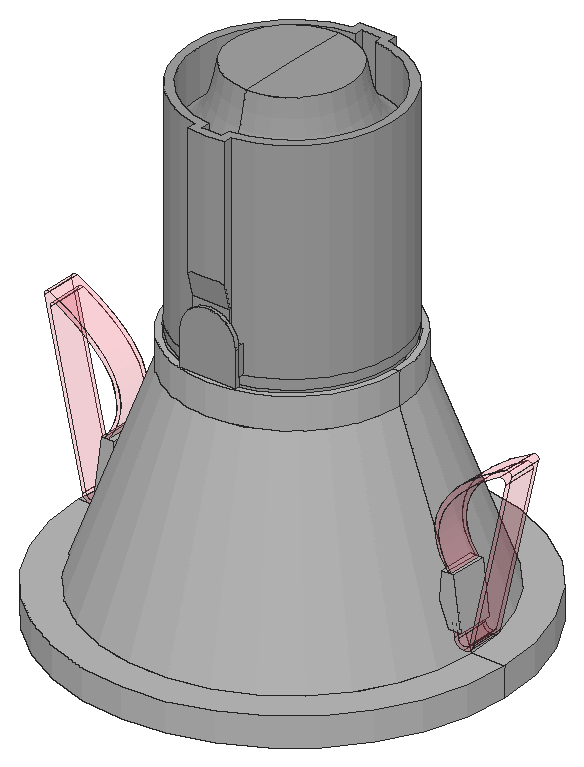
Revit family "LAMP_MOODY G2 800 + ROUND FIXED IP55 REFLECTOR", category Luminarias, Revit 2015
Parameters (values of type "2700K FLOOD")
  Ángulo de inclinación = 90.00°
  White reflector model = White reflector code  # "MORFRD100FX55W"
  White reflector finish = "Matt white"
  White reflector description = "MOODY REF RD FX Ø99 WH."
  White reflector datasheet = "http://www.lamp.es/product-files/TECH/MORFRD100FX55W-EN.pdf"
  White reflector [instance] = no
  Wattage = 6.1 W
  UGR = "21"
  Type = "COB PHILIPS"
  White reflector code = "MORFRD100FX55W"
  Total weight = 0.25 kg
  Total height = 115 mm
  Reflector diameter = 100 mm
  Reflector [instance] = and(not(White reflector), not(Black reflector))  # no
  Recessed diameter = 95 mm
  built-in parameter 1150110 = 1 (stored number, unit not read)
  Protection rating = "IP20"
  Product URL = "https://www.lamp.es/en/family/moody_33323"
  Power Supply = "220-240V 50/60Hz"
  Power = 5 W
  Plum = 6.1 W
  Model explanation = "Availability of switching reflector colour when placed in a project."
  Material cristal = Cristal
  Material Reflector Plata = LAMP_PC Reflector Moody GR
  Material Reflector Negro = LAMP_PC Reflector Moody NG
  Material Reflector Cobre = LAMP_PC Reflector Moody CO
  Material Muelle Emp. = LAMP_Acero genérico
  Material Reflector Blanco = LAMP_PC Reflector Moody BL
  Manufacturer name = "LAMP"
  Manufacturer country = "Spain"
  Manufacturer URL = "http://www.lamp.es/en"
  MacAdam = "3"
  Lámpara = "COB LED"
  Luminaire type = "Indoor - Recessed Downlight"
  Last update = "28/08/2019"
  LED Lifetime = "50.000 L90 B10"
  Insulation class = "II"
  Installation instructions = "https://www.lamp.es/product-files/INS/1004620-A-INSTR.%20MOODY%20G2.pdf"
  IEE = "A++"
  Gear = "Electronic"
  built-in parameter 1114217 = 1 (stored number, unit not read)
  built-in parameter 1150109 = 1 (stored number, unit not read)
  Fabricante = Manufacturer name  # "LAMP"
  Efficacy = 71.3 lm/W
  Descripción = "MOODY G2 800 VWW FL TRIAC BK."
  Core product code = "MO208FL927TB"
  Core diameter = 50 mm
  Core datasheet = "http://www.lamp.es/product-files/TECH/MO208FL927TB-EN.pdf"
  Core model = Core product code  # "MO208FL927TB"
  Comentarios de tipo = Model explanation  # "Availability of switching reflector colour when placed in a project."
  built-in parameter 1150134 = (empty or 0)
  built-in parameter 1150113 = 1 (stored number, unit not read)
  Lumens = 434.93 lm
  built-in parameter 1150115 = 1 (stored number, unit not read)
  built-in parameter 1150105 = 34.611 (stored number, unit not read)
  built-in parameter 1150137 = (empty or 0)
  built-in parameter 1150139 = (empty or 0)
  built-in parameter 1150112 = 1 (stored number, unit not read)
  built-in parameter 1150114 = 1 (stored number, unit not read)
  built-in parameter 1150132 = 2
  built-in parameter 1150102 = (empty or 0)
  built-in parameter 1150138 = (empty or 0)
  built-in parameter 1150107 = 2700 (stored number, unit not read)
  built-in parameter 1150106 = 0.34611 (stored number, unit not read)
  built-in parameter 1150104 = 6.624 (stored number, unit not read)
  Dimming Lamp Color Temperature Shift = (empty or 0)
  Color Filter = 16777215
  built-in parameter 1114218 = 1 (stored number, unit not read)
  CRI = "90"
  Core description = "MOODY CORE 500 VWW MFL"
  Black reflector model = Black reflector code  # "MORFRD100FX55B"
  Black reflector finish = "Matt black"
  Black reflector description = "MOODY REF RD FX Ø99 BK."
  Black reflector datasheet = "http://www.lamp.es/product-files/TECH/MORFRD100FX55B-EN.pdf"
  Black reflector code = "MORFRD100FX55B"
  Black reflector [instance] = yes
  Archivo de red fotométrica = "MO208FL927TB.IES"
  Altura reflector = 56.5 mm
  built-in parameter 1150133 = 10 (stored number, unit not read)
Types (9, lengths in mm): name | Efficacy | Descripción | Core product code | Core datasheet | Core model | built-in parameter 1150105 | built-in parameter 1150107 | built-in parameter 1150106 | CRI | Archivo de red fotométrica
  2700K FLOOD | 71.3 lm/W | "MOODY G2 800 VWW FL TRIAC BK." | "MO208FL927TB" | "http://www.lamp.es/product-files/TECH/MO208FL927TB-EN.pdf" | "MO208FL927TB" | 34.611 (stored number, unit not read) | 2700 (stored number, unit not read) | 0.34611 (stored number, unit not read) | "90" | "MO208FL927TB.IES"
  2700K SPOT | 71.3 lm/W | "MOODY G2 800 VWW SP TRIAC BK." | "MO208SP927TB" | "http://www.lamp.es/product-files/TECH/MO208SP927TB-EN.pdf" | "MO208SP927TB" | 984.65 (stored number, unit not read) | 2700 (stored number, unit not read) | 9.8465 (stored number, unit not read) | "90" | "MO208SP927TB.IES"
  2700K WIDE FLOOD | 71.3 lm/W | "MOODY G2 800 VWW WFL TRIAC BK." | "MO208WF927TB" | "http://www.lamp.es/product-files/TECH/MO208WF927TB-EN.pdf" | "MO208WF927TB" | 34.611 (stored number, unit not read) | 2700 (stored number, unit not read) | 0.34611 (stored number, unit not read) | "90" | "MO208WF927TB.IES"
  3000K FLOOD | 87.4 lm/W | "MOODY G2 800 WW FL TRIAC BK." | "MO208FL830TB" | "http://www.lamp.es/product-files/TECH/MO208FL830TB-EN.pdf" | "MO208FL830TB" | 34.611 (stored number, unit not read) | 3000 (stored number, unit not read) | 0.34611 (stored number, unit not read) | "80" | "MO208FL830TB.IES"
  3000K SPOT | 87.4 lm/W | "MOODY G2 800 WW SP TRIAC BK." | "MO208SP830TB" | "http://www.lamp.es/product-files/TECH/MO208SP830TB-EN.pdf" | "MO208SP830TB" | 34.611 (stored number, unit not read) | 3000 (stored number, unit not read) | 0.34611 (stored number, unit not read) | "80" | "MO208SP830TB.IES"
  3000K WIDE FLOOD | 87.4 lm/W | "MOODY G2 800 WW WFL TRIAC BK." | "MO208WF830TB" | "http://www.lamp.es/product-files/TECH/MO208WF830TB-EN.pdf" | "MO208WF830TB" | 34.611 (stored number, unit not read) | 3000 (stored number, unit not read) | 0.34611 (stored number, unit not read) | "80" | "MO208WF830TB.IES"
  4000K FLOOD | 92.6 lm/W | "MOODY G2 800 NW FL TRIAC BK." | "MO208FL840TB" | "http://www.lamp.es/product-files/TECH/MO208FL840TB-EN.pdf" | "MO208FL840TB" | 34.611 (stored number, unit not read) | 4000 (stored number, unit not read) | 0.34611 (stored number, unit not read) | "80" | "MO208FL840TB.IES"
  4000K SPOT | 92.6 lm/W | "MOODY G2 800 NW SP TRIAC BK." | "MO208SP840TB" | "http://www.lamp.es/product-files/TECH/MO208SP840TB-EN.pdf" | "MO208SP840TB" | 34.611 (stored number, unit not read) | 4000 (stored number, unit not read) | 0.34611 (stored number, unit not read) | "80" | "MO208SP840TB.IES"
  4000K WIDE FLOOD | 92.6 lm/W | "MOODY G2 800 NW WFL TRIAC BK." | "MO208WF840TB" | "http://www.lamp.es/product-files/TECH/MO208WF840TB-EN.pdf" | "MO208WF840TB" | 34.611 (stored number, unit not read) | 4000 (stored number, unit not read) | 0.34611 (stored number, unit not read) | "80" | "MO208WF840TB.IES"
Reference planes
  plane 1 "Eje de origen de luz (F/P)": y = 0
  plane 2: z = 0
  plane 3 "Eje de origen de luz (I/D)": x = 0
  plane 4 "Techo": z = 3738.5
  plane 5 "Elevación de origen de luz": z = 3738.5
Forms (mm)
  Revolve 1, solid, material "LAMP_PC Reflector Moody NG" <- "Material Reflector Negro", visible <- "Reflector"
    sketch origin (0, 0, 0) x (1, 0, 0) y (0, 0, 1)
      loop
        line (-26.8, 3795) -> (-26.8, 3787.4) -> (-44.8, 3738.5) -> (-53, 3738.5) -> (-53, 3731.4) -> (-43.4, 3731.4) -> (-43.4, 3737.815) -> (-25.4, 3786.715) -> (-20.4, 3786.715) -> (-20.4, 3789.672) -> (-25.4, 3789.672) -> (-25.4, 3795) -> (-26.8, 3795)
      axis (0, 3731.4) -> (0, 3795)
    angle from 0 to 360
  Extrusion 2, solid, material "LAMP_PC Reflector Moody CO" <- "Material Reflector Cobre", not visible
    sketch origin (0, 0, 0) x (1, 0, 0) y (0, 0, 1)
      loop
        line (-42.407, 3745) -> (-40.284, 3750.769) -> (-40.873, 3757.5) -> (-43.873, 3757.5) -> (-45.407, 3745) -> (-42.407, 3745)
    from 4.4 to -4.4
  Extrusion 3, solid, material "LAMP_PC Reflector Moody CO" <- "Material Reflector Cobre", not visible
    sketch origin (0, 0, 0) x (-1, 0, 0) y (0, 0, -1)
      loop
        line (-42.407, -3745) -> (-45.407, -3745) -> (-43.873, -3757.5) -> (-40.873, -3757.5) -> (-40.284, -3750.769) -> (-42.407, -3745)
    from 4.4 to -4.4
  Extrusion 4, solid, material "LAMP_Acero genérico" <- "Material Muelle Emp."
    sketch origin (0, 0, 0) x (1, 0, 0) y (0, 0, 1)
      loop
        line (-43.449, 3746.955) -> (-44.442, 3747.077) -> (-44.86, 3743.673)
        arc (-44.86, 3743.673) -> (-46.011, 3742.395) -> (-47.607, 3743.039) r 1.5
        line (-47.607, 3743.039) -> (-56.587, 3781.935)
        arc (-56.587, 3781.935) -> (-56.25, 3782.912) -> (-55.225, 3783.038) r 0.975
        spline (-55.225, 3783.038) -> (-51.331, 3780.738) -> (-48.069, 3778.431) -> (-45.409, 3776.129) -> (-43.316, 3773.842) -> (-41.759, 3771.583) -> (-40.706, 3769.362) -> (-40.125, 3767.192) -> (-39.983, 3765.084) -> (-40.248, 3763.049) -> (-40.888, 3761.099) -> (-41.87, 3759.246) -> (-43.162, 3757.5)
        line (-43.162, 3757.5) -> (-42.155, 3757.5)
        spline (-42.155, 3757.5) -> (-40.805, 3759.492) -> (-39.803, 3761.59) -> (-39.185, 3763.778) -> (-38.986, 3766.043) -> (-39.241, 3768.371) -> (-39.985, 3770.746) -> (-41.254, 3773.156) -> (-43.082, 3775.585) -> (-45.504, 3778.019) -> (-48.557, 3780.445) -> (-52.274, 3782.848) -> (-56.692, 3785.214)
        arc (-56.692, 3785.214) -> (-57.717, 3785.088) -> (-58.053, 3784.112) r 0.975
        line (-58.053, 3784.112) -> (-48.597, 3743.153)
        arc (-48.597, 3743.153) -> (-47.735, 3741.824) -> (-46.22, 3741.36) r 2.317
        arc (-46.22, 3741.36) -> (-44.644, 3742.027) -> (-43.867, 3743.552) r 2.5
        line (-43.867, 3743.552) -> (-43.449, 3746.955)
    from 4.3 to -4.3
  Extrusion 5, solid, material "LAMP_Acero genérico" <- "Material Muelle Emp."
    sketch origin (0, 0, 0) x (-1, 0, 0) y (0, 0, -1)
      loop
        line (-43.449, -3746.955) -> (-43.867, -3743.552)
        arc (-43.867, -3743.552) -> (-44.644, -3742.027) -> (-46.22, -3741.36) r 2.5
        arc (-46.22, -3741.36) -> (-47.735, -3741.824) -> (-48.597, -3743.153) r 2.317
        line (-48.597, -3743.153) -> (-58.053, -3784.112)
        arc (-58.053, -3784.112) -> (-57.717, -3785.088) -> (-56.692, -3785.214) r 0.975
        spline (-56.692, -3785.214) -> (-52.274, -3782.848) -> (-48.557, -3780.445) -> (-45.504, -3778.019) -> (-43.082, -3775.585) -> (-41.254, -3773.156) -> (-39.985, -3770.746) -> (-39.241, -3768.371) -> (-38.986, -3766.043) -> (-39.185, -3763.778) -> (-39.803, -3761.59) -> (-40.805, -3759.492) -> (-42.155, -3757.5)
        line (-42.155, -3757.5) -> (-43.162, -3757.5)
        spline (-43.162, -3757.5) -> (-41.87, -3759.246) -> (-40.888, -3761.099) -> (-40.248, -3763.049) -> (-39.983, -3765.084) -> (-40.125, -3767.192) -> (-40.706, -3769.362) -> (-41.759, -3771.583) -> (-43.316, -3773.842) -> (-45.409, -3776.129) -> (-48.069, -3778.431) -> (-51.331, -3780.738) -> (-55.225, -3783.038)
        arc (-55.225, -3783.038) -> (-56.25, -3782.912) -> (-56.587, -3781.935) r 0.975
        line (-56.587, -3781.935) -> (-47.607, -3743.039)
        arc (-47.607, -3743.039) -> (-46.011, -3742.395) -> (-44.86, -3743.673) r 1.5
        line (-44.86, -3743.673) -> (-44.442, -3747.077) -> (-43.449, -3746.955)
    from 4.3 to -4.3
  Revolve 6, solid, material "LAMP_PC Reflector Moody BL" <- "Material Reflector Blanco", visible <- "White reflector"
    sketch origin (0, 0, 0) x (1, 0, 0) y (0, 0, 1)
      loop
        line (-26.8, 3795) -> (-26.8, 3787.4) -> (-44.8, 3738.5) -> (-53, 3738.5) -> (-53, 3731.4) -> (-43.4, 3731.4) -> (-43.4, 3737.815) -> (-25.4, 3786.715) -> (-20.4, 3786.715) -> (-20.4, 3789.672) -> (-25.4, 3789.672) -> (-25.4, 3795) -> (-26.8, 3795)
      axis (0, 3731.4) -> (0, 3795)
    angle from 0 to 360
  Extrusion 7, solid, material "LAMP_PC Reflector Moody BL" <- "Material Reflector Blanco", visible <- "White reflector"
    sketch origin (0, 0, 0) x (1, 0, 0) y (0, 0, 1)
      loop
        line (-42.407, 3745) -> (-40.284, 3750.769) -> (-40.873, 3757.5) -> (-43.873, 3757.5) -> (-45.407, 3745) -> (-42.407, 3745)
    from 4.4 to -4.4
  Extrusion 8, solid, material "LAMP_PC Reflector Moody BL" <- "Material Reflector Blanco", visible <- "White reflector"
    sketch origin (0, 0, 0) x (-1, 0, 0) y (0, 0, -1)
      loop
        line (-42.407, -3745) -> (-45.407, -3745) -> (-43.873, -3757.5) -> (-40.873, -3757.5) -> (-40.284, -3750.769) -> (-42.407, -3745)
    from 4.4 to -4.4
  Revolve 9, solid, material "LAMP_PC Reflector Moody NG" <- "Material Reflector Negro", visible <- "Black reflector"
    sketch origin (0, 0, 0) x (1, 0, 0) y (0, 0, 1)
      loop
        line (-26.8, 3795) -> (-26.8, 3787.4) -> (-44.8, 3738.5) -> (-53, 3738.5) -> (-53, 3731.4) -> (-43.4, 3731.4) -> (-43.4, 3737.815) -> (-25.4, 3786.715) -> (-20.4, 3786.715) -> (-20.4, 3789.672) -> (-25.4, 3789.672) -> (-25.4, 3795) -> (-26.8, 3795)
      axis (0, 3731.4) -> (0, 3795)
    angle from 0 to 360
  Extrusion 10, solid, material "LAMP_PC Reflector Moody NG" <- "Material Reflector Negro", visible <- "Black reflector"
    sketch origin (0, 0, 0) x (1, 0, 0) y (0, 0, 1)
      loop
        line (-42.407, 3745) -> (-40.284, 3750.769) -> (-40.873, 3757.5) -> (-43.873, 3757.5) -> (-45.407, 3745) -> (-42.407, 3745)
    from 4.4 to -4.4
  Extrusion 11, solid, material "LAMP_PC Reflector Moody NG" <- "Material Reflector Negro", visible <- "Black reflector"
    sketch origin (0, 0, 0) x (-1, 0, 0) y (0, 0, -1)
      loop
        line (-42.407, -3745) -> (-45.407, -3745) -> (-43.873, -3757.5) -> (-40.873, -3757.5) -> (-40.284, -3750.769) -> (-42.407, -3745)
    from 4.4 to -4.4
  Extrusion 12, solid, material "LAMP_PC Reflector Moody GR" <- "Material Reflector Plata", not visible
    sketch origin (0, 0, 0) x (1, 0, 0) y (0, 0, 1)
      loop
        line (-42.407, 3745) -> (-40.284, 3750.769) -> (-40.873, 3757.5) -> (-43.873, 3757.5) -> (-45.407, 3745) -> (-42.407, 3745)
    from 4.4 to -4.4
  Extrusion 13, solid, material "LAMP_PC Reflector Moody GR" <- "Material Reflector Plata", not visible
    sketch origin (0, 0, 0) x (-1, 0, 0) y (0, 0, -1)
      loop
        line (-42.407, -3745) -> (-45.407, -3745) -> (-43.873, -3757.5) -> (-40.873, -3757.5) -> (-40.284, -3750.769) -> (-42.407, -3745)
    from 4.4 to -4.4
  Extrusion 14, solid, material "LAMP_PC Reflector Moody NG" <- "Material Reflector Negro", visible <- "Reflector"
    sketch origin (0, 0, 0) x (1, 0, 0) y (0, 0, 1)
      loop
        line (-42.407, 3745) -> (-40.284, 3750.769) -> (-40.873, 3757.5) -> (-43.873, 3757.5) -> (-45.407, 3745) -> (-42.407, 3745)
    from 4.4 to -4.4
  Extrusion 15, solid, material "LAMP_PC Reflector Moody NG" <- "Material Reflector Negro", visible <- "Reflector"
    sketch origin (0, 0, 0) x (-1, 0, 0) y (0, 0, -1)
      loop
        line (-42.407, -3745) -> (-45.407, -3745) -> (-43.873, -3757.5) -> (-40.873, -3757.5) -> (-40.284, -3750.769) -> (-42.407, -3745)
    from 4.4 to -4.4
  Revolve 16, solid, material "Cristal" <- "Material cristal"
    sketch origin (0, 0, 0) x (1, 0, 0) y (0, 0, 1)
      loop
        line (-43.4, 3738.5) -> (-43.4, 3731.4) -> (0, 3731.4) -> (0, 3738.5) -> (-43.4, 3738.5)
      axis (0, 3731.4) -> (0, 3738.5)
    angle from 0 to 360
Text (mm)
  text "Any modification of the parameters and properties of the LAMP BIM models must be executed and validated by the LAMP technical department.\n\nPhone: +34 93 736 68 00\n\nE-mail: lamp@lamp.es\n\n\n\nLAMP reserves the right to modify the technical specifications of its products." at (-1237.633, 1699.993, 3254.939), in view "Preview"
Dimensions and locks
  equal spacing: host sketch curve, plane 3 "Eje de origen de luz (I/D)", host sketch curve
  equal spacing: host sketch curve, plane 1 "Eje de origen de luz (F/P)", host sketch curve
  host sketch curve to host sketch curve = 4000 mm  (x2)
  locked: plane 4 "Techo" to host ceiling at 0
  "Altura reflector": plane 4 "Techo" to Revolve 1
  aligned and locked: plane 3 "Eje de origen de luz (I/D)" to imposter light
  aligned and locked: plane 1 "Eje de origen de luz (F/P)" to imposter light
  aligned and locked: plane 5 "Elevación de origen de luz" to imposter light
  aligned and locked: plane 4 "Techo" to plane 5 "Elevación de origen de luz"
Automatic sketch dimensions
  Extrusion 2 sketch curve to plane 4 "Techo" = 6.5 mm
  Extrusion 2 sketch curve to plane 3 "Eje de origen de luz (I/D)" = 45.407 mm
  Extrusion 2 sketch curve to Extrusion 2 sketch curve = 1.535 mm
  Extrusion 2 sketch curve to Extrusion 2 sketch curve = 3 mm  (x2)
  Extrusion 2 sketch curve to plane 4 "Techo" = 19 mm
  Extrusion 2 sketch curve to plane 4 "Techo" = 12.269 mm
  Extrusion 2 sketch curve to Extrusion 2 sketch curve = 2.124 mm
  plane 4 "Techo" to Extrusion 3 sketch curve = 6.5 mm
  Extrusion 3 sketch curve to plane 3 "Eje de origen de luz (I/D)" = 45.407 mm
  Extrusion 3 sketch curve to Extrusion 3 sketch curve = 1.535 mm
  Extrusion 3 sketch curve to Extrusion 3 sketch curve = 3 mm  (x2)
  plane 4 "Techo" to Extrusion 3 sketch curve = 19 mm
  plane 4 "Techo" to Extrusion 3 sketch curve = 12.269 mm
  Extrusion 3 sketch curve to Extrusion 3 sketch curve = 2.124 mm
  Extrusion 4 sketch curve to Extrusion 4 sketch curve = 0 mm  (x2)
  Extrusion 4 sketch curve to plane 3 "Eje de origen de luz (I/D)" = 58.053 mm
  Extrusion 4 sketch curve to Extrusion 4 sketch curve = 0.95 mm  (x2)
  Extrusion 4 sketch curve to Extrusion 4 sketch curve = 0.412 mm  (x2)
  Extrusion 4 sketch curve to Extrusion 4 sketch curve = 0.517 mm
  Extrusion 4 sketch curve to plane 4 "Techo" = 4.653 mm
  Extrusion 4 sketch curve to Extrusion 4 sketch curve = 7.989 mm
  Extrusion 4 sketch curve to plane 4 "Techo" = 4.539 mm
  Extrusion 4 sketch curve to Extrusion 4 sketch curve = 0.991 mm
  Extrusion 4 sketch curve to Extrusion 4 sketch curve = 1.258 mm
  Extrusion 4 sketch curve to Extrusion 4 sketch curve = 0.009 mm
  Extrusion 4 sketch curve to plane 4 "Techo" = 5.173 mm
  Extrusion 4 sketch curve to Extrusion 4 sketch curve = 1.479 mm
  Extrusion 4 sketch curve to plane 4 "Techo" = 8.577 mm
  Extrusion 4 sketch curve to Extrusion 4 sketch curve = 0.418 mm
  Extrusion 4 sketch curve to plane 4 "Techo" = 5.052 mm
  Extrusion 4 sketch curve to Extrusion 4 sketch curve = 0.993 mm
  Extrusion 4 sketch curve to Extrusion 4 sketch curve = 1.28 mm
  Extrusion 4 sketch curve to Extrusion 4 sketch curve = 1.008 mm
  Extrusion 4 sketch curve to Extrusion 4 sketch curve = 0.182 mm
  Extrusion 4 sketch curve to Extrusion 4 sketch curve = 10.423 mm
  Extrusion 4 sketch curve to Extrusion 4 sketch curve = 24.435 mm
  Extrusion 4 sketch curve to Extrusion 4 sketch curve = 0.219 mm  (x2)
  Extrusion 4 sketch curve to Extrusion 4 sketch curve = 2.176 mm
  Extrusion 5 sketch curve to Extrusion 5 sketch curve = 0 mm  (x2)
  Extrusion 5 sketch curve to plane 3 "Eje de origen de luz (I/D)" = 58.053 mm
  Extrusion 5 sketch curve to Extrusion 5 sketch curve = 0.95 mm  (x2)
  Extrusion 5 sketch curve to Extrusion 5 sketch curve = 0.412 mm  (x2)
  Extrusion 5 sketch curve to Extrusion 5 sketch curve = 0.517 mm
  plane 4 "Techo" to Extrusion 5 sketch curve = 4.653 mm
  Extrusion 5 sketch curve to Extrusion 5 sketch curve = 7.989 mm
  plane 4 "Techo" to Extrusion 5 sketch curve = 4.539 mm
  Extrusion 5 sketch curve to Extrusion 5 sketch curve = 0.991 mm
  Extrusion 5 sketch curve to Extrusion 5 sketch curve = 1.258 mm
  Extrusion 5 sketch curve to Extrusion 5 sketch curve = 0.009 mm
  plane 4 "Techo" to Extrusion 5 sketch curve = 5.173 mm
  Extrusion 5 sketch curve to Extrusion 5 sketch curve = 1.479 mm
  plane 4 "Techo" to Extrusion 5 sketch curve = 8.577 mm
  Extrusion 5 sketch curve to Extrusion 5 sketch curve = 0.418 mm
  plane 4 "Techo" to Extrusion 5 sketch curve = 5.052 mm
  Extrusion 5 sketch curve to Extrusion 5 sketch curve = 0.993 mm
  Extrusion 5 sketch curve to Extrusion 5 sketch curve = 1.28 mm
  Extrusion 5 sketch curve to Extrusion 5 sketch curve = 1.008 mm
  Extrusion 5 sketch curve to Extrusion 5 sketch curve = 0.182 mm
  Extrusion 5 sketch curve to Extrusion 5 sketch curve = 10.423 mm
  Extrusion 5 sketch curve to Extrusion 5 sketch curve = 24.435 mm
  Extrusion 5 sketch curve to Extrusion 5 sketch curve = 0.219 mm  (x2)
  Extrusion 5 sketch curve to Extrusion 5 sketch curve = 2.176 mm
  Extrusion 7 sketch curve to plane 4 "Techo" = 6.5 mm
  Extrusion 7 sketch curve to plane 3 "Eje de origen de luz (I/D)" = 45.407 mm
  Extrusion 7 sketch curve to Extrusion 7 sketch curve = 1.535 mm
  Extrusion 7 sketch curve to Extrusion 7 sketch curve = 3 mm  (x2)
  Extrusion 7 sketch curve to plane 4 "Techo" = 19 mm
  Extrusion 7 sketch curve to plane 4 "Techo" = 12.269 mm
  Extrusion 7 sketch curve to Extrusion 7 sketch curve = 2.124 mm
  plane 4 "Techo" to Extrusion 8 sketch curve = 6.5 mm
  Extrusion 8 sketch curve to plane 3 "Eje de origen de luz (I/D)" = 45.407 mm
  Extrusion 8 sketch curve to Extrusion 8 sketch curve = 1.535 mm
  Extrusion 8 sketch curve to Extrusion 8 sketch curve = 3 mm  (x2)
  plane 4 "Techo" to Extrusion 8 sketch curve = 19 mm
  plane 4 "Techo" to Extrusion 8 sketch curve = 12.269 mm
  Extrusion 8 sketch curve to Extrusion 8 sketch curve = 2.124 mm
  Extrusion 10 sketch curve to plane 4 "Techo" = 6.5 mm
  Extrusion 10 sketch curve to plane 3 "Eje de origen de luz (I/D)" = 45.407 mm
  Extrusion 10 sketch curve to Extrusion 10 sketch curve = 1.535 mm
  Extrusion 10 sketch curve to Extrusion 10 sketch curve = 3 mm  (x2)
  Extrusion 10 sketch curve to plane 4 "Techo" = 19 mm
  Extrusion 10 sketch curve to plane 4 "Techo" = 12.269 mm
  Extrusion 10 sketch curve to Extrusion 10 sketch curve = 2.124 mm
  plane 4 "Techo" to Extrusion 11 sketch curve = 6.5 mm
  Extrusion 11 sketch curve to plane 3 "Eje de origen de luz (I/D)" = 45.407 mm
  Extrusion 11 sketch curve to Extrusion 11 sketch curve = 1.535 mm
  Extrusion 11 sketch curve to Extrusion 11 sketch curve = 3 mm  (x2)
  plane 4 "Techo" to Extrusion 11 sketch curve = 19 mm
  plane 4 "Techo" to Extrusion 11 sketch curve = 12.269 mm
  Extrusion 11 sketch curve to Extrusion 11 sketch curve = 2.124 mm
  Extrusion 12 sketch curve to plane 4 "Techo" = 6.5 mm
  Extrusion 12 sketch curve to plane 3 "Eje de origen de luz (I/D)" = 45.407 mm
  Extrusion 12 sketch curve to Extrusion 12 sketch curve = 1.535 mm
  Extrusion 12 sketch curve to Extrusion 12 sketch curve = 3 mm  (x2)
  Extrusion 12 sketch curve to plane 4 "Techo" = 19 mm
  Extrusion 12 sketch curve to plane 4 "Techo" = 12.269 mm
  Extrusion 12 sketch curve to Extrusion 12 sketch curve = 2.124 mm
  plane 4 "Techo" to Extrusion 13 sketch curve = 6.5 mm
  Extrusion 13 sketch curve to plane 3 "Eje de origen de luz (I/D)" = 45.407 mm
  Extrusion 13 sketch curve to Extrusion 13 sketch curve = 1.535 mm
  Extrusion 13 sketch curve to Extrusion 13 sketch curve = 3 mm  (x2)
  plane 4 "Techo" to Extrusion 13 sketch curve = 19 mm
  plane 4 "Techo" to Extrusion 13 sketch curve = 12.269 mm
  Extrusion 13 sketch curve to Extrusion 13 sketch curve = 2.124 mm
  Extrusion 14 sketch curve to plane 4 "Techo" = 6.5 mm
  Extrusion 14 sketch curve to plane 3 "Eje de origen de luz (I/D)" = 45.407 mm
  Extrusion 14 sketch curve to Extrusion 14 sketch curve = 1.535 mm
  Extrusion 14 sketch curve to Extrusion 14 sketch curve = 3 mm  (x2)
  Extrusion 14 sketch curve to plane 4 "Techo" = 19 mm
  Extrusion 14 sketch curve to plane 4 "Techo" = 12.269 mm
  Extrusion 14 sketch curve to Extrusion 14 sketch curve = 2.124 mm
  plane 4 "Techo" to Extrusion 15 sketch curve = 6.5 mm
  Extrusion 15 sketch curve to plane 3 "Eje de origen de luz (I/D)" = 45.407 mm
  Extrusion 15 sketch curve to Extrusion 15 sketch curve = 1.535 mm
  Extrusion 15 sketch curve to Extrusion 15 sketch curve = 3 mm  (x2)
  plane 4 "Techo" to Extrusion 15 sketch curve = 19 mm
  plane 4 "Techo" to Extrusion 15 sketch curve = 12.269 mm
  Extrusion 15 sketch curve to Extrusion 15 sketch curve = 2.124 mm
  Revolve 16 sketch curve to plane 4 "Techo" = 0 mm
  Revolve 16 sketch curve to plane 3 "Eje de origen de luz (I/D)" = 0 mm  (x2)
  plane 4 "Techo" to Revolve 16 sketch curve = 7.1 mm
  Revolve 16 sketch curve to plane 3 "Eje de origen de luz (I/D)" = 43.4 mm
  Revolve 16 sketch curve to level = 358.228 mm
  Revolve 16 sketch curve to plane 4 "Techo" = 623.685 mm
  Revolve 9 sketch curve to plane 4 "Techo" = 0 mm
  Revolve 9 sketch curve to plane 3 "Eje de origen de luz (I/D)" = 0 mm
  Revolve 9 sketch curve to plane 3 "Eje de origen de luz (I/D)" = 20.4 mm
  Revolve 9 sketch curve to Revolve 9 sketch curve = 5 mm
  Revolve 9 sketch curve to Revolve 9 sketch curve = 0 mm
  Revolve 9 sketch curve to Revolve 9 sketch curve = 1.4 mm  (x2)
  plane 4 "Techo" to Revolve 9 sketch curve = 7.1 mm
  Revolve 9 sketch curve to plane 3 "Eje de origen de luz (I/D)" = 43.4 mm
  Revolve 9 sketch curve to Revolve 9 sketch curve = 9.6 mm
  Revolve 9 sketch curve to plane 4 "Techo" = 48.215 mm
  Revolve 9 sketch curve to Revolve 9 sketch curve = 0.685 mm
  Revolve 9 sketch curve to Revolve 9 sketch curve = 2.272 mm
  Revolve 9 sketch curve to Revolve 9 sketch curve = 5.328 mm
  plane 4 "Techo" to Revolve 9 sketch curve = 0.685 mm
  Revolve 9 sketch curve to level = 358.228 mm
  Revolve 9 sketch curve to Revolve 9 sketch curve = 305.685 mm
  Revolve 6 sketch curve to plane 4 "Techo" = 0 mm
  Revolve 6 sketch curve to plane 3 "Eje de origen de luz (I/D)" = 0 mm
  Revolve 6 sketch curve to plane 3 "Eje de origen de luz (I/D)" = 20.4 mm
  Revolve 6 sketch curve to Revolve 6 sketch curve = 5 mm
  Revolve 6 sketch curve to Revolve 6 sketch curve = 0 mm
  Revolve 6 sketch curve to Revolve 6 sketch curve = 1.4 mm  (x2)
  plane 4 "Techo" to Revolve 6 sketch curve = 7.1 mm
  Revolve 6 sketch curve to plane 3 "Eje de origen de luz (I/D)" = 43.4 mm
  Revolve 6 sketch curve to Revolve 6 sketch curve = 9.6 mm
  Revolve 6 sketch curve to plane 4 "Techo" = 48.215 mm
  Revolve 6 sketch curve to Revolve 6 sketch curve = 0.685 mm
  Revolve 6 sketch curve to Revolve 6 sketch curve = 2.272 mm
  Revolve 6 sketch curve to Revolve 6 sketch curve = 5.328 mm
  plane 4 "Techo" to Revolve 6 sketch curve = 0.685 mm
  Revolve 6 sketch curve to level = 358.228 mm
  Revolve 6 sketch curve to Revolve 6 sketch curve = 305.685 mm
  Revolve 1 sketch curve to plane 4 "Techo" = 0 mm
  Revolve 1 sketch curve to plane 3 "Eje de origen de luz (I/D)" = 0 mm
  Revolve 1 sketch curve to plane 3 "Eje de origen de luz (I/D)" = 20.4 mm
  Revolve 1 sketch curve to Revolve 1 sketch curve = 5 mm
  Revolve 1 sketch curve to Revolve 1 sketch curve = 0 mm
  Revolve 1 sketch curve to Revolve 1 sketch curve = 1.4 mm  (x2)
  plane 4 "Techo" to Revolve 1 sketch curve = 7.1 mm
  Revolve 1 sketch curve to plane 3 "Eje de origen de luz (I/D)" = 43.4 mm
  Revolve 1 sketch curve to Revolve 1 sketch curve = 9.6 mm
  Revolve 1 sketch curve to plane 4 "Techo" = 48.215 mm
  Revolve 1 sketch curve to Revolve 1 sketch curve = 0.685 mm
  Revolve 1 sketch curve to Revolve 1 sketch curve = 2.272 mm
  Revolve 1 sketch curve to Revolve 1 sketch curve = 5.328 mm
  plane 4 "Techo" to Revolve 1 sketch curve = 0.685 mm
  Revolve 1 sketch curve to level = 358.228 mm
  Revolve 1 sketch curve to Revolve 1 sketch curve = 305.685 mm
Nested families
  nested 1: "LAMP_MOODY CORE 500" at (0, 0, 3789.672) x (0, 1, 0) z (0, 0, 1), type "LAMP_MOODY CORE 500"
Connectors
  electrical at (0, 0, 3738.5)
    settings: on imposter light, index 1, voltage 230 V, apparent load 0 VA, apparent load phase1 0 VA, apparent load phase2 0 VA, apparent load phase3 0 VA, power factor 1, load classification "Otro", number of poles 1, system type 31, power factor state 1, is connector primary yes, connector utility no, sub classification motor no, connector description ""
Definition of nested family "LAMP_MOODY CORE 500"
  Parameters (values of type "LAMP_MOODY CORE 500")
    Weight = 0.214 kg
    Protection rating = "IP20"
    Product name = "MOODY CORE 500"
    Product URL = "http://www.lamp.es/en/family/moody_33323"
    Material Reflector = none
    Material Cuerpo = none
    Material COB = none
    Manufacturer name = "LAMP"
    Manufacturer country = "Spain"
    Manufacturer URL = "http://www.lamp.es/en"
    Luminaire type = "Indoor - Recessed Downlight"
    Last update = "08/05/2018"
    Installation instructions = ""
    Height = 65 mm
    Finish = "Cataphorese"
    Manufacturer = Manufacturer name  # "LAMP"
    Default Elevation = 1219.2 mm
    Diameter = 50 mm
    Description = Product name  # "MOODY CORE 500"
    Type Comments = "For product codes and features, see corresponding files LAMP_CORE + REFLECTOR"
    Altura interior = 49 mm
  Reference planes
    plane 1 "Centro (Frontal/Posterior)": y = 0
    plane 2: z = 0
    plane 3 "Centro (Izquierda/Derecha)": x = 0
    plane 4: z = 49
  Forms (mm)
    Extrusion 1, solid
      sketch origin (0, 0, 0) x (1, 0, 0) y (0, 1, 0)
        loop
          line (-1219.2, 1219.2) -> (-1219.2, -1219.2) -> (1219.2, -1219.2) -> (1219.2, 1219.2) -> (-1219.2, 1219.2)
      from 0 to -304.8
    Extrusion 2, solid, material <- "Material Cuerpo"
      sketch origin (0, 0, 8.2) x (1, 0, 0) y (0, 1, 0)
        loop
          arc (-26.622, 4.5) -> (-27, 0) -> (-26.622, -4.5) r 27
          line (-26.622, -4.5) -> (-24.592, -4.5)
          arc (-24.592, -4.5) -> (0, -25) -> (24.592, -4.5) r 25
          line (24.592, -4.5) -> (26.622, -4.5)
          arc (26.622, -4.5) -> (27, 0) -> (26.622, 4.5) r 27
          line (26.622, 4.5) -> (24.592, 4.5)
          arc (24.592, 4.5) -> (0, 25) -> (-24.592, 4.5) r 25
          line (-24.592, 4.5) -> (-26.622, 4.5)
        loop
          line (-24.875, -2.5) -> (-22.864, -2.5)
          arc (-22.864, -2.5) -> (0, -23) -> (22.864, -2.5) r 23
          line (22.864, -2.5) -> (24.875, -2.5)
          arc (24.875, -2.5) -> (25, 0) -> (24.875, 2.5) r 25
          line (24.875, 2.5) -> (22.864, 2.5)
          arc (22.864, 2.5) -> (0, 23) -> (-22.864, 2.5) r 23
          line (-22.864, 2.5) -> (-24.875, 2.5)
          arc (-24.875, 2.5) -> (-25, 0) -> (-24.875, -2.5) r 25
      from 0 to 52
    Revolve 3, solid, material <- "Material Cuerpo"
      sketch origin (0, 0, 8.2) x (1, 0, 0) y (0, 0, 1)
        loop
          spline (-14.467, 56.8) -> (-14.836, 54.556) -> (-15.268, 52.477) -> (-15.761, 50.564) -> (-16.317, 48.817) -> (-16.935, 47.235) -> (-17.615, 45.819) -> (-18.357, 44.568) -> (-19.161, 43.483) -> (-20.028, 42.564) -> (-20.956, 41.81) -> (-21.947, 41.222) -> (-23, 40.8)
          line (-23, 40.8) -> (0, 40.8) -> (0, 56.8) -> (-14.467, 56.8)
        axis (0, 56.8) -> (0, 40.8)
      angle from 0 to 360
    Extrusion 4, void
      sketch origin (0, 0, 8.2) x (0, 1, 0) y (0, 0, 1)
        loop
          line (-7, 0) -> (7, 0) -> (7, 6.5) -> (-7, 6.5) -> (-7, 0)
      from -28 to 28
    Extrusion 5, void
      sketch origin (0, 0, 8.2) x (1, 0, 0) y (0, 0, 1)
        loop
          line (25.068, 6.5) -> (27.791, 6.5) -> (27.791, 20.707) -> (26.791, 20.707) -> (25.068, 14.278) -> (25.068, 6.5)
      from -7 to 7
    Extrusion 6, void
      sketch origin (0, 0, 8.2) x (-1, 0, 0) y (0, 0, -1)
        loop
          line (25.068, -6.3) -> (25.068, -14.078) -> (26.791, -20.507) -> (27.791, -20.507) -> (27.791, -6.3) -> (25.068, -6.3)
      from -7 to 7
    Revolve 7, solid, material <- "Material Cuerpo"
      sketch origin (0, 0, 0) x (1, 0, 0) y (0, 0, 1)
        loop
          line (24.8, 0) -> (24.8, 2.2) -> (22.75, 2.2) -> (22.75, 5.8) -> (25, 5.8) -> (25, 8.2) -> (21.4, 8.2) -> (21.4, 7) -> (20.45, 7) -> (20.45, 0) -> (24.8, 0)
        axis (0, 8.2) -> (0, 0)
      angle from 0 to 360
    Extrusion 8, solid, material <- "Material Cuerpo"
      sketch origin (0, 0, 11.6) x (1, 0, 0) y (0, 1, 0)
        loop
          line (-25.068, 4.5) -> (-22.555, 4.5)
          arc (-22.555, 4.5) -> (0, 23) -> (22.555, 4.5) r 23
          line (22.555, 4.5) -> (25.068, 4.5) -> (25.068, 6.9) -> (22.778, 6.9)
          arc (22.778, 6.9) -> (0, 23.8) -> (-22.778, 6.9) r 23.8
          line (-22.778, 6.9) -> (-25.068, 6.9) -> (-25.068, 4.5)
        loop
          line (-25.068, -4.5) -> (-25.068, -6.9) -> (-22.778, -6.9)
          arc (-22.778, -6.9) -> (0, -23.8) -> (22.778, -6.9) r 23.8
          line (22.778, -6.9) -> (25.068, -6.9) -> (25.068, -4.5) -> (22.555, -4.5)
          arc (22.555, -4.5) -> (0, -23) -> (-22.555, -4.5) r 23
          line (-22.555, -4.5) -> (-25.068, -4.5)
      from -3.4 to 3.4
    Extrusion 9, solid, material <- "Material Cuerpo"
      sketch origin (0, 0, 0) x (0, 1, 0) y (0, 0, -1)
        loop
          arc (-6.769, -14.306) -> (0.131, -21.206) -> (7.031, -14.306) r 6.9
          line (7.031, -14.306) -> (7.031, -5.8) -> (-6.769, -5.8) -> (-6.769, -14.306)
      from 26 to 25.068
    Extrusion 10, solid, material <- "Material Cuerpo"
      sketch origin (0, 0, 0) x (0, 1, 0) y (0, 0, 1)
        loop
          line (-6.769, 14.306) -> (-6.769, 5.8) -> (7.031, 5.8) -> (7.031, 14.306)
          arc (7.031, 14.306) -> (0.131, 21.206) -> (-6.769, 14.306) r 6.9
      from 26 to 25.068
    Revolve 11, solid, material <- "Material Reflector"
      sketch origin (0, 0, -1660) x (1, 0, 0) y (0, 0, 1)
        loop
          line (21.4, 1667) -> (14.233, 1685.672) -> (13.283, 1685.672) -> (20.45, 1667) -> (21.4, 1667)
        axis (0, 1685.672) -> (0, 1667)
      angle from 0 to 360
    Revolve 12, solid, material <- "Material COB"
      sketch origin (0, 0, -2160) x (1, 0, 0) y (0, 0, 1)
        loop
          line (0, 2185.672) -> (14.233, 2185.672) -> (14.233, 2186.672) -> (0, 2186.672) -> (0, 2185.672)
        axis (0, 2186.672) -> (0, 2185.672)
      angle from 0 to 360
  Cuts and joins
    Extrusion 4, Extrusion 5, Extrusion 6 cuts Extrusion 2
  Dimensions and locks
    "Altura interior": plane 4 to Extrusion 1
    locked: cut or joined group of Extrusion 2, Extrusion 4, Extrusion 5, Extrusion 6 to plane 4 at 11.2
    aligned and locked: plane 2 to Extrusion 1
    aligned and locked: level to Extrusion 1
    aligned and locked: Revolve 3 to plane 4
    aligned and locked: Extrusion 8 to Revolve 7
    aligned and locked: Revolve 12 to Revolve 11
  Automatic sketch dimensions
    Extrusion 1 sketch curve to Extrusion 1 sketch curve = 2438.4 mm  (x2)
    Extrusion 2 sketch curve to Extrusion 2 sketch curve = 0 mm  (x57)
    plane 1 "Centro (Frontal/Posterior)" to Extrusion 2 sketch curve = 0 mm
    Extrusion 2 sketch curve to plane 3 "Centro (Izquierda/Derecha)" = 0 mm
    Extrusion 2 sketch curve to plane 1 "Centro (Frontal/Posterior)" = 2.5 mm  (x2)
    Extrusion 2 sketch curve to plane 3 "Centro (Izquierda/Derecha)" = 22.864 mm
    Extrusion 2 sketch curve to Extrusion 2 sketch curve = 1.728 mm  (x4)
    Extrusion 2 sketch curve to Extrusion 2 sketch curve = 2.011 mm  (x3)
    Extrusion 2 sketch curve to Extrusion 2 sketch curve = 2.031 mm  (x3)
    plane 1 "Centro (Frontal/Posterior)" to Extrusion 2 sketch curve = 2.5 mm
    Extrusion 2 sketch curve to Extrusion 2 sketch curve = 2 mm
    Revolve 3 sketch curve to plane 4 = 0 mm
    Revolve 3 sketch curve to plane 3 "Centro (Izquierda/Derecha)" = 0 mm  (x2)
    Revolve 3 sketch curve to plane 3 "Centro (Izquierda/Derecha)" = 14.467 mm
    Revolve 3 sketch curve to Revolve 3 sketch curve = 8.533 mm
    plane 4 to Revolve 3 sketch curve = 16 mm
    Revolve 3 sketch curve to level = 601.4 mm
    Revolve 3 sketch curve to Revolve 3 sketch curve = 2552.058 mm
    plane 1 "Centro (Frontal/Posterior)" to Extrusion 4 sketch curve = 7 mm
    Extrusion 4 sketch curve to plane 1 "Centro (Frontal/Posterior)" = 7 mm
    level to Extrusion 4 sketch curve = 8.2 mm
    Extrusion 4 sketch curve to Extrusion 4 sketch curve = 6.5 mm
    plane 3 "Centro (Izquierda/Derecha)" to Extrusion 5 sketch curve = 25.068 mm
    Extrusion 5 sketch curve to Extrusion 5 sketch curve = 1.723 mm
    Extrusion 5 sketch curve to Extrusion 5 sketch curve = 2.723 mm
    level to Extrusion 5 sketch curve = 14.7 mm
    Extrusion 5 sketch curve to Extrusion 5 sketch curve = 7.778 mm
    Extrusion 5 sketch curve to Extrusion 5 sketch curve = 6.429 mm
    Extrusion 6 sketch curve to plane 3 "Centro (Izquierda/Derecha)" = 25.068 mm
    Extrusion 6 sketch curve to Extrusion 6 sketch curve = 1.723 mm
    Extrusion 6 sketch curve to Extrusion 6 sketch curve = 2.723 mm
    Extrusion 6 sketch curve to plane 4 = 20.293 mm
    Extrusion 6 sketch curve to Extrusion 6 sketch curve = 6.429 mm
    Extrusion 6 sketch curve to Extrusion 6 sketch curve = 7.778 mm
    Revolve 7 sketch curve to plane 3 "Centro (Izquierda/Derecha)" = 0 mm
    Revolve 7 sketch curve to level = 0 mm
    plane 3 "Centro (Izquierda/Derecha)" to Revolve 7 sketch curve = 20.45 mm
    Revolve 7 sketch curve to Revolve 7 sketch curve = 0.95 mm
    Revolve 7 sketch curve to Revolve 7 sketch curve = 1.35 mm
    Revolve 7 sketch curve to Revolve 7 sketch curve = 2.05 mm
    Revolve 7 sketch curve to Revolve 7 sketch curve = 2.25 mm
    level to Revolve 7 sketch curve = 2.2 mm
    Revolve 7 sketch curve to Revolve 7 sketch curve = 3.6 mm
    Revolve 7 sketch curve to Revolve 7 sketch curve = 1.2 mm
    Revolve 7 sketch curve to Revolve 7 sketch curve = 2.4 mm
    Revolve 7 sketch curve to level = 609.6 mm
    plane 4 to Revolve 7 sketch curve = 2559.858 mm
    Extrusion 8 sketch curve to Extrusion 8 sketch curve = 0 mm  (x13)
    plane 1 "Centro (Frontal/Posterior)" to Extrusion 8 sketch curve = 0 mm
    Extrusion 8 sketch curve to plane 3 "Centro (Izquierda/Derecha)" = 0 mm
    plane 1 "Centro (Frontal/Posterior)" to Extrusion 8 sketch curve = 4.5 mm  (x2)
    Extrusion 8 sketch curve to plane 3 "Centro (Izquierda/Derecha)" = 22.555 mm
    Extrusion 8 sketch curve to plane 1 "Centro (Frontal/Posterior)" = 4.5 mm  (x2)
    Extrusion 8 sketch curve to Extrusion 8 sketch curve = 0.222 mm  (x4)
    Extrusion 8 sketch curve to Extrusion 8 sketch curve = 2.29 mm  (x3)
    Extrusion 8 sketch curve to Extrusion 8 sketch curve = 2.513 mm
    Extrusion 8 sketch curve to Extrusion 8 sketch curve = 2.4 mm  (x2)
    plane 1 "Centro (Frontal/Posterior)" to Extrusion 9 sketch curve = 6.769 mm
    Extrusion 9 sketch curve to plane 1 "Centro (Frontal/Posterior)" = 0.131 mm
    level to Extrusion 9 sketch curve = 14.306 mm
    level to Extrusion 9 sketch curve = 5.8 mm
    plane 1 "Centro (Frontal/Posterior)" to Extrusion 10 sketch curve = 6.769 mm
    Extrusion 10 sketch curve to plane 1 "Centro (Frontal/Posterior)" = 0.131 mm
    level to Extrusion 10 sketch curve = 5.8 mm
    Extrusion 10 sketch curve to Extrusion 10 sketch curve = 8.506 mm
    Revolve 11 sketch curve to plane 3 "Centro (Izquierda/Derecha)" = 0 mm
    plane 3 "Centro (Izquierda/Derecha)" to Revolve 11 sketch curve = 13.283 mm
    Revolve 11 sketch curve to Revolve 11 sketch curve = 0.95 mm  (x2)
    level to Revolve 11 sketch curve = 7 mm
    Revolve 11 sketch curve to Revolve 11 sketch curve = 6.217 mm
    Revolve 11 sketch curve to Revolve 11 sketch curve = 18.672 mm
    Revolve 11 sketch curve to level = 2269.6 mm
    plane 4 to Revolve 11 sketch curve = 899.858 mm
    Revolve 12 sketch curve to plane 3 "Centro (Izquierda/Derecha)" = 0 mm  (x2)
    Revolve 12 sketch curve to Revolve 12 sketch curve = 14.233 mm
    Revolve 12 sketch curve to plane 4 = 23.328 mm
    Revolve 12 sketch curve to Revolve 12 sketch curve = 1 mm
    Revolve 12 sketch curve to level = 2769.6 mm
    plane 4 to Revolve 12 sketch curve = 399.858 mm
